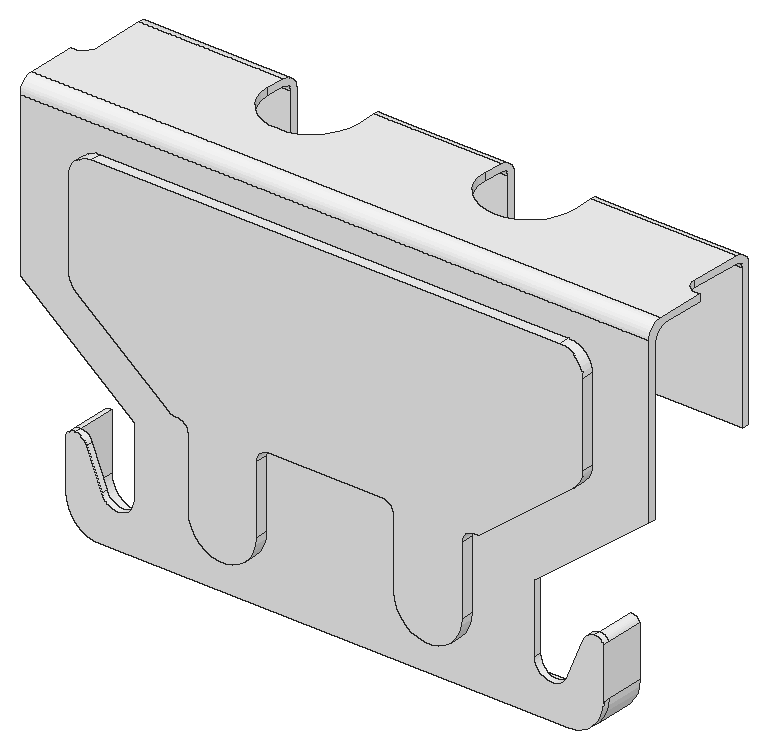
Revit family "特殊25mmWクリップ", category 機械設備, Revit 2020
Family settings
  丸型コネクタ寸法 = 直径を使用
  種別 = なし
  パーツ タイプ = 標準
  作業面ベース = いいえ
  常に垂直 = はい
  ロード時にボイドで切り取り = いいえ
  共有 = いいえ
  部屋計算ポイント = いいえ
Parameters
  製造元 = "株式会社桐井製作所"
  既定の高さ = 0 mm
  URL = "https://www.kirii.co.jp/"
  K_品名 = "特殊25mmWクリップ"
  K_名称 = "特殊クリップ"
  K_入数 = "500"
  K_バージョン情報 = "20211012"
Reference planes
  plane 1 "中心(正面/背面)": y = 0
  plane 2: z = 0
  plane 3 "中心(左/右)": x = 0
Forms (mm)
  Extrusion 1, solid
    sketch origin (0, 30, 0) x (0, 1, 0) y (0, 0, 1)
      loop
        line (-30, 0) -> (-29.4, -0.6) -> (-29.4, 32.15)
        arc (-29.4, 32.15) -> (-29.034, 33.034) -> (-28.15, 33.4) r 1.25
        line (-28.15, 33.4) -> (-18.75, 33.4)
        arc (-18.75, 33.4) -> (-18.29, 33.21) -> (-18.1, 32.75) r 0.65
        line (-18.1, 32.75) -> (-18.1, 19.65) -> (-17.5, 20.25) -> (-17.5, 32.75)
        arc (-17.5, 32.75) -> (-17.866, 33.634) -> (-18.75, 34) r 1.25
        line (-18.75, 34) -> (-28.75, 34)
        arc (-28.75, 34) -> (-29.634, 33.634) -> (-30, 32.75) r 1.25
        line (-30, 32.75) -> (-30, 0)
    from -27.5 to 27.5
  Extrusion 2, void
    sketch origin (0, -0.6, -0.8) x (0, 1, 0) y (0, 0, 1)
      loop
        line (0.387, 0.8) -> (0.387, -0.064) -> (1.428, -0.064) -> (1.428, 0.8) -> (0.387, 0.8)
    from -27.5 to 27.5
  Extrusion 3, solid
    sketch origin (0, 0, 0) x (1, 0, 0) y (0, 0, 1)
      loop
        arc (-23.5, 3) -> (-22.621, 0.879) -> (-20.5, 0) r 3
        line (-20.5, 0) -> (20.5, 0)
        arc (20.5, 0) -> (22.621, 0.879) -> (23.5, 3) r 3
        line (23.5, 3) -> (23.5, 7.5)
        arc (23.5, 7.5) -> (23.183, 7.882) -> (22.7, 7.994) r 0.777
        line (22.7, 7.994) -> (22.7, 3)
        arc (22.7, 3) -> (22.056, 1.444) -> (20.5, 0.8) r 2.2
        line (20.5, 0.8) -> (-20.5, 0.8)
        arc (-20.5, 0.8) -> (-22.056, 1.444) -> (-22.7, 3) r 2.2
        line (-22.7, 3) -> (-22.7, 7.994)
        arc (-22.7, 7.994) -> (-23.183, 7.882) -> (-23.5, 7.5) r 0.777
        line (-23.5, 7.5) -> (-23.5, 3)
    from -4 to 0
  Extrusion 4, void
    sketch origin (0, 0, 0) x (1, 0, 0) y (0, 1, 0)
      loop
        line (-13.356, 12.5) -> (-13.5, 9.5)
        arc (-13.5, 9.5) -> (-9.5, 5.5) -> (-5.5, 9.5) r 4
        line (-5.5, 9.5) -> (-5.597, 12.5) -> (-13.356, 12.5)
      loop
        line (13.5, 9.5) -> (13.356, 12.5) -> (5.645, 12.5) -> (5.5, 9.5)
        arc (5.5, 9.5) -> (9.5, 5.5) -> (13.5, 9.5) r 4
      loop
        line (-26.032, 12.5) -> (-27.5, 12.5) -> (-27.5, 5.531)
        arc (-27.5, 5.531) -> (-26.472, 5.771) -> (-26.032, 6.731) r 1.2
        line (-26.032, 6.731) -> (-26.179, 12.5)
      loop
        arc (26.032, 6.731) -> (26.472, 5.771) -> (27.5, 5.531) r 1.2
        line (27.5, 5.531) -> (27.5, 12.5) -> (26.179, 12.5) -> (26.032, 6.731)
    from 20.25 to 34
  Extrusion 5, void
    sketch origin (0, 0, 0) x (1, 0, 0) y (0, 0, 1)
      loop
        line (-17.5, 10.5) -> (-27.5, 18.5) -> (-27.5, 0) -> (-20.5, 0)
        arc (-20.5, 0) -> (-22.621, 0.879) -> (-23.5, 3) r 3
        line (-23.5, 3) -> (-23.5, 7.5)
        arc (-23.5, 7.5) -> (-23.183, 7.882) -> (-22.7, 7.994) r 0.777
        arc (-22.7, 7.994) -> (-22.094, 7.759) -> (-21.7, 7.242) r 1.2
        line (-21.7, 7.242) -> (-20.414, 4)
        arc (-20.414, 4) -> (-18.746, 3.022) -> (-17.5, 4.5) r 1.5
        line (-17.5, 4.5) -> (-17.5, 10.5)
      loop
        line (17.5, 10.5) -> (17.5, 4.5)
        arc (17.5, 4.5) -> (18.746, 3.022) -> (20.414, 4) r 1.5
        line (20.414, 4) -> (21.7, 7.242)
        arc (21.7, 7.242) -> (22.094, 7.759) -> (22.7, 7.994) r 1.2
        arc (22.7, 7.994) -> (23.183, 7.882) -> (23.5, 7.5) r 0.777
        line (23.5, 7.5) -> (23.5, 3)
        arc (23.5, 3) -> (22.621, 0.879) -> (20.5, 0) r 3
        line (20.5, 0) -> (27.5, 0) -> (27.5, 18.5) -> (17.5, 10.5)
    from -0.6 to 0.2
  Extrusion 6, solid
    sketch origin (0, 0, 0) x (1, 0, 0) y (0, 0, 1)
      loop
        line (20.5, 30.5) -> (-20.5, 30.5)
        arc (-20.5, 30.5) -> (-21.914, 29.914) -> (-22.5, 28.5) r 2
        line (-22.5, 28.5) -> (-22.5, 21.224)
        arc (-22.5, 21.224) -> (-22.303, 20.358) -> (-21.749, 19.662) r 2
        line (-21.749, 19.662) -> (-13.695, 13.219)
        arc (-13.695, 13.219) -> (-13.296, 13.016) -> (-12.849, 12.989) r 1.104
        arc (-12.849, 12.989) -> (-12.241, 12.652) -> (-12, 12) r 1
        line (-12, 12) -> (-12, 6)
        arc (-12, 6) -> (-9, 3) -> (-6, 6) r 3
        line (-6, 6) -> (-6, 12)
        arc (-6, 12) -> (-5.707, 12.707) -> (-5, 13) r 1
        line (-5, 13) -> (5, 13)
        arc (5, 13) -> (5.707, 12.707) -> (6, 12) r 1
        line (6, 12) -> (6, 6)
        arc (6, 6) -> (9, 3) -> (12, 6) r 3
        line (12, 6) -> (12, 12)
        arc (12, 12) -> (12.241, 12.652) -> (12.849, 12.989) r 1
        arc (12.849, 12.989) -> (13.296, 13.016) -> (13.695, 13.219) r 1.104
        line (13.695, 13.219) -> (21.749, 19.662)
        arc (21.749, 19.662) -> (22.303, 20.358) -> (22.5, 21.224) r 2
        line (22.5, 21.224) -> (22.5, 28.5)
        arc (22.5, 28.5) -> (21.914, 29.914) -> (20.5, 30.5) r 2
    from 0 to 1
  Extrusion 7, void
    sketch origin (0, -4.379, 0.497) x (0, 1, 0) y (0, 0, 1)
      loop
        line (15.756, 19.753) -> (15.756, 18.957) -> (16.879, 18.957) -> (16.879, 19.753) -> (15.756, 19.753)
    from -27.5 to 27.5
Cuts and joins
  Extrusion 2, Extrusion 4, Extrusion 5, Extrusion 7 cuts Extrusion 1
  joined: Extrusion 1, Extrusion 3, Extrusion 6
Dimensions and locks
  aligned and locked: level to plane 2
